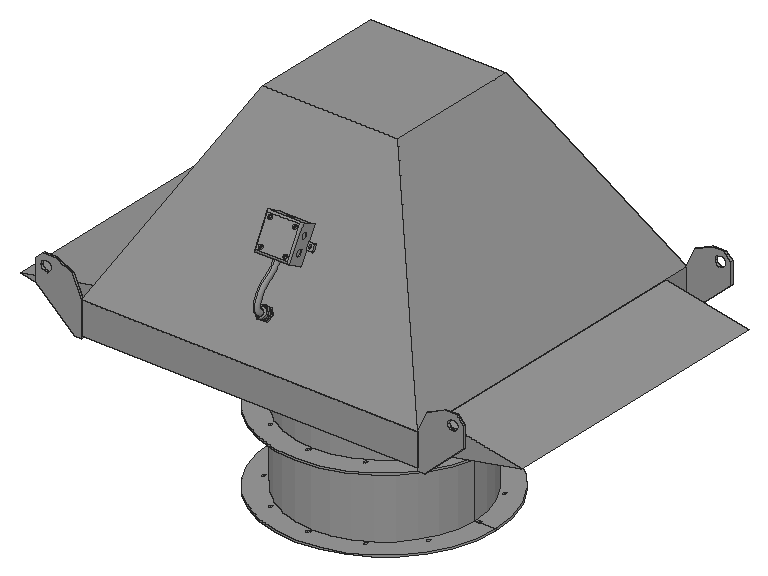
Revit family "ВКДВ", category Оборудование, Revit 2021
Family settings
  Размер круглого соединителя = Использовать диаметр
  Классификация = Нет
  Тип детали = Нормальный
  На основе рабочей плоскости = Нет
  Всегда вертикально = Да
  При загрузке вырезать с полостями = Нет
  Общий = Нет
  Точка принадлежности помещению = Нет
Parameters (values of type "ВКДВ 630-600-2,2/940")
  Отметка по умолчанию = 0 mm
  Вес = "210 кг"
  n = 12
  l4 = 310 mm
  l333 = L3 / 2  # 477.5 mm
  l33 = L3 - 150 mm  # 805 mm
  l3 = L3 / 2 - 0.1 * L3  # 382 mm
  h4 = H - (H - H3) / 2  # 778.5 mm
  h2 = 248.333 mm
  h1 = H1 / 2  # 213 mm
  d1 = 10 mm
  Voltage = 400 V
  Ry = Dy / 2  # 251.5 mm
  Rn = Dn / 2  # 256.5 mm
  R2 = D2 / 2  # 317 mm
  R1 = D1 / 2  # 270.5 mm
  Power = 2200 VA
  Number of Fase = 3
  Maximum Air Flow = 0.0 L/s
  Maintenance zone material = none
  Load Classification = "HVAC"
  L3 = 955 mm
  L1 = 1424 mm
  H4 = H1 + (H3 - H1) / 2  # 472.5 mm
  H3 = H / 2  # 519 mm
  H1 = 426 mm
  H = 1038 mm
  Grid Material = Cover Grid Cross
  Dy = 503 mm
  Dn = Dy + 10 mm  # 513 mm
  D2 = 634 mm
  D1 = 541 mm
  Casing Material = Металл, окрашенный, синий, матовый RAL 5007
  Air Flow [instance] = 0.0 L/s
  09_System_Name [instance] = ""
  09_Pressure_Static_Air [instance] = 0.0 L/s
  00_20_Type = "ВКДВ 630-600-2,2/940"
  00_20_Name = "Вентилятор даховий димовидалення"
  00_20_Manufacturer = "Вентс"  # constant formula
Types (39, lengths in mm): name | Вес | n | l4 | l333 | l33 | l3 | h4 | h1 | d1 | Ry | Rn | R2 | R1 | Power | L3 | L1 | H4 | H3 | H1 | H | Dy | Dn | D2 | D1 | Casing Material | 00_20_Type
  (no name) | "210 кг" | 12 | 310 | 477.5 | 805 | 382 | 778.5 | 213 | 10 | 251.5 | 256.5 | 317 | 270.5 | 2200 VA | 955 | 1424 | 472.5 | 519 | 426 | 1038 | 503 | 513 | 634 | 541 | Металл, окрашенный, синий, матовый RAL 5007 | "ВКДВ 630-600-2,2/940"
  ВКДВ 630-600-1,5/930 | "200 кг" | 12 | 310 | 477.5 | 805 | 382 | 778.5 | 151 | 10 | 251.5 | 256.5 | 317 | 270.5 | 1500 VA | 955 | 1424 | 410.5 | 519 | 302 | 1038 | 503 | 513 | 634 | 541 | none | "ВКДВ 630-600-1,5/930"
  ВКДВ 1100-600-37/980 | "930 кг" | 24 | 474 | 715 | 1280 | 572 | 1329.75 | 220.5 | 12 | 451.5 | 456.5 | 537.5 | 467 | 37000 VA | 1430 | 2236 | 663.75 | 886.5 | 441 | 1773 | 903 | 913 | 1075 | 934 | none | "ВКДВ 1100-600-37/980"
  ВКДВ 630-600-2,2/940 | "210 кг" | 12 | 310 | 477.5 | 805 | 382 | 778.5 | 213 | 10 | 251.5 | 256.5 | 317 | 270.5 | 2200 VA | 955 | 1424 | 472.5 | 519 | 426 | 1038 | 503 | 513 | 634 | 541 | Металл, окрашенный, синий, матовый RAL 5007 | "ВКДВ 630-600-2,2/940"
  ВКДВ 630-600-3/960 | "225 кг" | 12 | 310 | 477.5 | 805 | 382 | 782.25 | 153.5 | 10 | 251.5 | 256.5 | 317 | 270.5 | 3000 VA | 955 | 1424 | 414.25 | 521.5 | 307 | 1043 | 503 | 513 | 634 | 541 | none | "ВКДВ 630-600-3/960"
  ВКДВ 630-600-4/1440 | "216 кг" | 12 | 310 | 477.5 | 805 | 382 | 778.5 | 151 | 10 | 251.5 | 256.5 | 317 | 270.5 | 4000 VA | 955 | 1424 | 410.5 | 519 | 302 | 1038 | 503 | 513 | 634 | 541 | none | "ВКДВ 630-600-4/1440"
  ВКДВ 630-600-5,5/1450 | "230 кг" | 12 | 310 | 477.5 | 805 | 382 | 782.25 | 153.5 | 10 | 251.5 | 256.5 | 317 | 270.5 | 5500 VA | 955 | 1424 | 414.25 | 521.5 | 307 | 1043 | 503 | 513 | 634 | 541 | none | "ВКДВ 630-600-5,5/1450"
  ВКДВ 630-600-7,5/1440 | "255 кг" | 12 | 310 | 477.5 | 805 | 382 | 850.5 | 153.5 | 10 | 251.5 | 256.5 | 317 | 270.5 | 7500 VA | 955 | 1424 | 437 | 567 | 307 | 1134 | 503 | 513 | 634 | 541 | none | "ВКДВ 630-600-7,5/1440"
  ВКДВ 710-600-2,2/940 | "242 кг" | 16 | 339 | 520 | 890 | 416 | 885.75 | 158.5 | 12 | 316.5 | 321.5 | 365 | 337 | 2200 VA | 1040 | 1508 | 453.75 | 590.5 | 317 | 1181 | 633 | 643 | 730 | 674 | none | "ВКДВ 710-600-2,2/940"
  ВКДВ 710-600-3/960 | "252 кг" | 16 | 339 | 520 | 890 | 416 | 889.5 | 161 | 12 | 316.5 | 321.5 | 365 | 337 | 3000 VA | 1040 | 1508 | 457.5 | 593 | 322 | 1186 | 633 | 643 | 730 | 674 | none | "ВКДВ 710-600-3/960"
  ВКДВ 710-600-4/950 | "253 кг" | 16 | 339 | 520 | 890 | 416 | 889.5 | 161 | 12 | 316.5 | 321.5 | 365 | 337 | 4000 VA | 1040 | 1508 | 457.5 | 593 | 322 | 1186 | 633 | 643 | 730 | 674 | none | "ВКДВ 710-600-4/950"
  ВКДВ 710-600-5,5/960 | "280 кг" | 16 | 339 | 520 | 890 | 416 | 889.5 | 161 | 12 | 316.5 | 321.5 | 365 | 337 | 5500 VA | 1040 | 1508 | 457.5 | 593 | 322 | 1186 | 633 | 643 | 730 | 674 | none | "ВКДВ 710-600-5,5/960"
  ВКДВ 710-600-7,5/1455 | "281 кг" | 16 | 339 | 520 | 890 | 416 | 889.5 | 161 | 12 | 316.5 | 321.5 | 365 | 337 | 7500 VA | 1040 | 1508 | 457.5 | 593 | 322 | 1186 | 633 | 643 | 730 | 674 | none | "ВКДВ 710-600-7,5/1455"
  ВКДВ 710-600-11/1460 | "292 кг" | 16 | 339 | 520 | 890 | 416 | 889.5 | 161 | 12 | 316.5 | 321.5 | 365 | 337 | 11000 VA | 1040 | 1508 | 457.5 | 593 | 322 | 1186 | 633 | 643 | 730 | 674 | none | "ВКДВ 710-600-11/1460"
  ВКДВ 800-600-4/960 | "286 кг" | 16 | 339 | 520 | 890 | 416 | 929.25 | 172.5 | 12 | 316.5 | 321.5 | 392 | 337 | 4000 VA | 1040 | 1543 | 482.25 | 619.5 | 345 | 1239 | 633 | 643 | 784 | 674 | none | "ВКДВ 800-600-4/960"
  ВКДВ 800-600-5,5/950 | "305 кг" | 16 | 339 | 520 | 890 | 416 | 929.25 | 172.5 | 12 | 316.5 | 321.5 | 392 | 337 | 5500 VA | 1040 | 1543 | 482.25 | 619.5 | 345 | 1239 | 633 | 643 | 784 | 674 | none | "ВКДВ 800-600-5,5/950"
  ВКДВ 800-600-7,5/970 | "312 кг" | 16 | 339 | 520 | 890 | 416 | 929.25 | 172.5 | 12 | 316.5 | 321.5 | 392 | 337 | 7500 VA | 1040 | 1543 | 482.25 | 619.5 | 345 | 1239 | 633 | 643 | 784 | 674 | none | "ВКДВ 800-600-7,5/970"
  ВКДВ 800-600-11/960 | "390 кг" | 16 | 338 | 520 | 890 | 416 | 1001.25 | 177.5 | 12 | 316.5 | 321.5 | 392 | 337 | 11000 VA | 1040 | 1543 | 511.25 | 667.5 | 355 | 1335 | 633 | 643 | 784 | 674 | none | "ВКДВ 800-600-11/960"
  ВКДВ 800-600-15/1460 | "390 кг" | 16 | 338 | 520 | 890 | 416 | 1001.25 | 177.5 | 12 | 316.5 | 321.5 | 392 | 337 | 15000 VA | 1040 | 1543 | 511.25 | 667.5 | 355 | 1335 | 633 | 643 | 784 | 674 | none | "ВКДВ 800-600-15/1460"
  ВКДВ 800-600-18,5/1470 | "395 кг" | 16 | 338 | 520 | 890 | 416 | 1001.25 | 177.5 | 12 | 316.5 | 321.5 | 392 | 337 | 18500 VA | 1040 | 1543 | 511.25 | 667.5 | 355 | 1335 | 633 | 643 | 784 | 674 | none | "ВКДВ 800-600-18,5/1470"
  ВКДВ 900-600-4/720 | "376 кг" | 16 | 394 | 600 | 1050 | 480 | 1034.25 | 181.5 | 12 | 356.5 | 361.5 | 437 | 375.5 | 4000 VA | 1200 | 1871 | 526.25 | 689.5 | 363 | 1379 | 713 | 723 | 874 | 751 | none | "ВКДВ 900-600-4/720"
  ВКДВ 900-600-5,5/960 | "376 кг" | 16 | 394 | 600 | 1050 | 480 | 1048.5 | 181.5 | 12 | 356.5 | 361.5 | 437 | 375.5 | 5500 VA | 1200 | 1871 | 531 | 699 | 363 | 1398 | 713 | 723 | 874 | 751 | none | "ВКДВ 900-600-5,5/960"
  ВКДВ 900-600-7,5/970 | "380 кг" | 16 | 394 | 600 | 1050 | 480 | 1048.5 | 181.5 | 12 | 356.5 | 361.5 | 437 | 375.5 | 7500 VA | 1200 | 1871 | 531 | 699 | 363 | 1398 | 713 | 723 | 874 | 751 | none | "ВКДВ 900-600-7,5/970"
  ВКДВ 900-600-11/970 | "418 кг" | 16 | 394 | 600 | 1050 | 480 | 1048.5 | 186 | 12 | 356.5 | 361.5 | 437 | 375.5 | 11000 VA | 1200 | 1871 | 535.5 | 699 | 372 | 1398 | 713 | 723 | 874 | 751 | none | "ВКДВ 900-600-11/970"
  ВКДВ 900-600-15/960 | "433 кг" | 16 | 394 | 600 | 1050 | 480 | 1048.5 | 186 | 12 | 356.5 | 361.5 | 437 | 375.5 | 15000 VA | 1200 | 1871 | 535.5 | 699 | 372 | 1398 | 713 | 723 | 874 | 751 | none | "ВКДВ 900-600-15/960"
  ВКДВ 900-600-18,5/960 | "482 кг" | 16 | 394 | 600 | 1050 | 480 | 1118.25 | 186 | 12 | 356.5 | 361.5 | 437 | 375.5 | 18500 VA | 1200 | 1871 | 558.75 | 745.5 | 372 | 1491 | 713 | 723 | 874 | 751 | none | "ВКДВ 900-600-18,5/960"
  ВКДВ 900-600-22/960 | "566 кг" | 16 | 394 | 600 | 1050 | 480 | 1173.75 | 186 | 12 | 356.5 | 361.5 | 437 | 375.5 | 22000 VA | 1200 | 1871 | 577.25 | 782.5 | 372 | 1565 | 713 | 723 | 874 | 751 | none | "ВКДВ 900-600-22/960"
  ВКДВ 1000-600-5,5/720 | "467 кг" | 24 | 473 | 715 | 1280 | 572 | 1023.75 | 199 | 12 | 401.5 | 406.5 | 487 | 418.5 | 5500 VA | 1430 | 2111 | 540.25 | 682.5 | 398 | 1365 | 803 | 813 | 974 | 837 | none | "ВКДВ 1000-600-5,5/720"
  ВКДВ 1000-600-7,5/730 | "588 кг" | 24 | 476 | 715 | 1280 | 572 | 1179.75 | 201.5 | 12 | 401.5 | 406.5 | 487 | 418.5 | 7500 VA | 1430 | 2111 | 594.75 | 786.5 | 403 | 1573 | 803 | 813 | 974 | 837 | none | "ВКДВ 1000-600-7,5/730"
  ВКДВ 1000-600-11/970 | "590 кг" | 24 | 476 | 715 | 1280 | 572 | 1179.75 | 201.5 | 12 | 401.5 | 406.5 | 487 | 418.5 | 11000 VA | 1430 | 2111 | 594.75 | 786.5 | 403 | 1573 | 803 | 813 | 974 | 837 | none | "ВКДВ 1000-600-11/970"
  ВКДВ 1000-600-15/970 | "595 кг" | 24 | 476 | 715 | 1280 | 572 | 1179.75 | 201.5 | 12 | 401.5 | 406.5 | 487 | 418.5 | 15000 VA | 1430 | 2111 | 594.75 | 786.5 | 403 | 1573 | 803 | 813 | 974 | 837 | none | "ВКДВ 1000-600-15/970"
  ВКДВ 1000-600-18,5/970 | "639 кг" | 24 | 476 | 715 | 1280 | 572 | 1179.75 | 201.5 | 12 | 401.5 | 406.5 | 487 | 418.5 | 18500 VA | 1430 | 2111 | 594.75 | 786.5 | 403 | 1573 | 803 | 813 | 974 | 837 | none | "ВКДВ 1000-600-18,5/970"
  ВКДВ 1000-600-22/970 | "670 кг" | 24 | 476 | 715 | 1280 | 572 | 1179.75 | 201.5 | 12 | 401.5 | 406.5 | 487 | 418.5 | 22000 VA | 1430 | 2111 | 594.75 | 786.5 | 403 | 1573 | 803 | 813 | 974 | 837 | none | "ВКДВ 1000-600-22/970"
  ВКДВ 1000-600-30/970 | "690 кг" | 24 | 476 | 715 | 1280 | 572 | 1179.75 | 201.5 | 12 | 401.5 | 406.5 | 487 | 418.5 | 30000 VA | 1430 | 2111 | 594.75 | 786.5 | 403 | 1573 | 803 | 813 | 974 | 837 | none | "ВКДВ 1000-600-30/970"
  ВКДВ 1100-600-11/730 | "720 кг" | 24 | 474 | 715 | 1280 | 572 | 1290.75 | 220.5 | 12 | 451.5 | 456.5 | 537.5 | 467 | 11000 VA | 1430 | 2236 | 650.75 | 860.5 | 441 | 1721 | 903 | 913 | 1075 | 934 | none | "ВКДВ 1100-600-11/730"
  ВКДВ 1100-600-15/730 | "775 кг" | 24 | 474 | 715 | 1280 | 572 | 1290.75 | 220.5 | 12 | 451.5 | 456.5 | 537.5 | 467 | 15000 VA | 1430 | 2236 | 650.75 | 860.5 | 441 | 1721 | 903 | 913 | 1075 | 934 | none | "ВКДВ 1100-600-15/730"
  ВКДВ 1100-600-18,5/970 | "763 кг" | 24 | 474 | 715 | 1280 | 572 | 1290.75 | 220.5 | 12 | 451.5 | 456.5 | 537.5 | 467 | 18500 VA | 1430 | 2236 | 650.75 | 860.5 | 441 | 1721 | 903 | 913 | 1075 | 934 | none | "ВКДВ 1100-600-18,5/970"
  ВКДВ 1100-600-22/970 | "794 кг" | 24 | 474 | 715 | 1280 | 572 | 1290.75 | 220.5 | 12 | 451.5 | 456.5 | 537.5 | 467 | 22000 VA | 1430 | 2236 | 650.75 | 860.5 | 441 | 1721 | 903 | 913 | 1075 | 934 | none | "ВКДВ 1100-600-22/970"
  ВКДВ 1100-600-30/970 | "812 кг" | 24 | 474 | 715 | 1280 | 572 | 1290.75 | 220.5 | 12 | 451.5 | 456.5 | 537.5 | 467 | 30000 VA | 1430 | 2236 | 650.75 | 860.5 | 441 | 1721 | 903 | 913 | 1075 | 934 | none | "ВКДВ 1100-600-30/970"
Reference planes
  plane 1 "По центру (Вперед/Назад)": y = 0
  plane 2: z = 0
  plane 3 "По центру (Влево/Вправо)": x = 0
Forms (mm)
  Revolve 1, solid, material "Металл, окрашенный, синий, матовый RAL 5007"
    sketch origin (0, 0, 0) x (1, 0, 0) y (0, 0, 1)
      loop
        line (251.5, 0) -> (317, 0) -> (317, 5) -> (256.5, 5) -> (256.5, 208) -> (317, 208) -> (317, 213) -> (256.5, 213) -> (256.5, 421) -> (317, 421) -> (317, 426) -> (251.5, 426) -> (251.5, 0)
      axis (0, 426) -> (0, 0)
    angle from 0 to 360
  Extrusion 2, void
    sketch origin (0, -232.601, 0) x (1, 0, 0) y (0, 1, 0)
      loop
        circle (0, 503.101) r 5
    from 0 to 426 <- "H1"
  Extrusion 3, void
    sketch origin (-116.301, -201.439, 0) x (0.866025, -0.5, 0) y (0.5, 0.866025, 0)
      loop
        circle (0, 503.101) r 5
    from 0 to 426 <- "H1"
  Extrusion 4, void
    sketch origin (116.301, -201.439, 0) x (0.866025, 0.5, 0) y (-0.5, 0.866025, 0)
      loop
        circle (0, 503.101) r 5
    from 0 to 426 <- "H1"
  Extrusion 5, void
    sketch origin (201.439, -116.301, 0) x (0.5, 0.866025, 0) y (-0.866025, 0.5, 0)
      loop
        circle (0, 503.101) r 5
    from 0 to 426 <- "H1"
  Extrusion 6, void
    sketch origin (232.601, 0, 0) x (0, 1, 0) y (-1, 0, 0)
      loop
        circle (0, 503.101) r 5
    from 0 to 426 <- "H1"
  Extrusion 7, void
    sketch origin (201.439, 116.301, 0) x (-0.5, 0.866025, 0) y (-0.866025, -0.5, 0)
      loop
        circle (0, 503.101) r 5
    from 0 to 426 <- "H1"
  Extrusion 8, void
    sketch origin (116.301, 201.439, 0) x (-0.866025, 0.5, 0) y (-0.5, -0.866025, 0)
      loop
        circle (0, 503.101) r 5
    from 0 to 426 <- "H1"
  Extrusion 9, void
    sketch origin (0, 232.601, 0) x (-1, 0, 0) y (0, -1, 0)
      loop
        circle (0, 503.101) r 5
    from 0 to 426 <- "H1"
  Extrusion 10, void
    sketch origin (-116.301, 201.439, 0) x (-0.866025, -0.5, 0) y (0.5, -0.866025, 0)
      loop
        circle (0, 503.101) r 5
    from 0 to 426 <- "H1"
  Extrusion 11, void
    sketch origin (-201.439, 116.301, 0) x (-0.5, -0.866025, 0) y (0.866025, -0.5, 0)
      loop
        circle (0, 503.101) r 5
    from 0 to 426 <- "H1"
  Extrusion 12, void
    sketch origin (-232.601, 0, 0) x (0, -1, 0) y (1, 0, 0)
      loop
        circle (0, 503.101) r 5
    from 0 to 426 <- "H1"
  Extrusion 13, void
    sketch origin (-201.439, -116.301, 0) x (0.5, -0.866025, 0) y (0.866025, 0.5, 0)
      loop
        circle (0, 503.101) r 5
    from 0 to 426 <- "H1"
  Extrusion 14, solid, material "Металл, окрашенный, синий, матовый RAL 5007"
    sketch origin (0, 0, 0) x (1, 0, 0) y (0, 1, 0)
      loop
        line (-477.5, 477.5) -> (-477.5, -477.5) -> (477.5, -477.5) -> (477.5, 477.5) -> (-477.5, 477.5)
    from 426 <- "H1" to 519 <- "H3"
  Blend 15, solid, material "Металл, окрашенный, синий, матовый RAL 5007"
    base sketch origin (0, 0, 0) x (1, 0, 0) y (0, 1, 0)
      loop
        line (-477.5, 477.5) -> (-477.5, -477.5) -> (477.5, -477.5) -> (477.5, 477.5) -> (-477.5, 477.5)
    top sketch origin (0, 0, 0) x (1, 0, 0) y (0, 1, 0)
      loop
        line (-191, 191) -> (-191, -191) -> (191, -191) -> (191, 191) -> (-191, 191)
    from 519 <- "H3" to 1038 <- "H"
  Extrusion 16, solid, material "Металл, окрашенный, синий, матовый RAL 5007"
    sketch origin (0, 0, 0) x (1, 0, 0) y (0, 0, 1)
      loop
        line (477.5, 426) -> (712, 472.5) -> (477.5, 519) -> (477.5, 426)
      loop
        line (-477.5, 426) -> (-477.5, 519) -> (-712, 472.5) -> (-477.5, 426)
    from -402.5 to 402.5
Cuts and joins
  Extrusion 2, Extrusion 3, Extrusion 4, Extrusion 5, Extrusion 6, Extrusion 7, Extrusion 8, Extrusion 9, Extrusion 10, Extrusion 11, Extrusion 12, Extrusion 13 cuts Revolve 1
Dimensions and locks
  Revolve 1 sketch curve to Revolve 1 sketch curve = 5 mm  (x3)
  "R2": Revolve 1 sketch curve to plane 3 "По центру (Влево/Вправо)"  (x3)
  "H1": level to Revolve 1 sketch curve
  "Ry": Revolve 1 sketch curve to plane 3 "По центру (Влево/Вправо)"
  "Rn": plane 3 "По центру (Влево/Вправо)" to Revolve 1 sketch curve  (x2)
  "h1": Revolve 1 sketch curve to Revolve 1 sketch curve
  equal spacing: Extrusion 14 sketch curve, plane 1 "По центру (Вперед/Назад)", Extrusion 14 sketch curve
  "L3": Extrusion 14 sketch curve to Extrusion 14 sketch curve  (x2)
  equal spacing: Extrusion 14 sketch curve, plane 3 "По центру (Влево/Вправо)", Extrusion 14 sketch curve
  equal spacing: Blend 15 sketch curve, plane 3 "По центру (Влево/Вправо)", Blend 15 sketch curve  (x2)
  "L3": Blend 15 sketch curve to Blend 15 sketch curve  (x2)
  equal spacing: Blend 15 sketch curve, plane 1 "По центру (Вперед/Назад)", Blend 15 sketch curve  (x2)
  "l3": Blend 15 sketch curve to Blend 15 sketch curve  (x2)
  equal spacing: Extrusion 16 sketch curve, plane 3 "По центру (Влево/Вправо)", Extrusion 16 sketch curve  (x2)
  "H3": Extrusion 16 sketch curve to level  (x2)
  "H1": Extrusion 16 sketch curve to level  (x2)
  "L3": Extrusion 16 sketch curve to Extrusion 16 sketch curve
  "H4": Extrusion 16 sketch curve to level  (x2)
  "L1": Extrusion 16 sketch curve to Extrusion 16 sketch curve
  equal spacing: Extrusion 16, plane 1 "По центру (Вперед/Назад)", Extrusion 16
  "l33": Extrusion 16 to Extrusion 16
  "l4": plane 1 "По центру (Вперед/Назад)" to nested 1
  "l333": plane 1 "По центру (Вперед/Назад)" to nested 2
  "l333": nested 3 to plane 1 "По центру (Вперед/Назад)"
  "l333": nested 4 to plane 1 "По центру (Вперед/Назад)"
  "l333": nested 5 to plane 1 "По центру (Вперед/Назад)"
  "l333": plane 3 "По центру (Влево/Вправо)" to nested 2
  "l333": nested 4 to plane 3 "По центру (Влево/Вправо)"
  "l333": plane 3 "По центру (Влево/Вправо)" to nested 3
  "l333": nested 5 to plane 3 "По центру (Влево/Вправо)"
  "d1": diameter of Extrusion 2 sketch curve
  "d1": diameter of Extrusion 3 sketch curve
  "d1": diameter of Extrusion 4 sketch curve
  "d1": diameter of Extrusion 5 sketch curve
  "d1": diameter of Extrusion 6 sketch curve
  "d1": diameter of Extrusion 7 sketch curve
  "d1": diameter of Extrusion 8 sketch curve
  "d1": diameter of Extrusion 9 sketch curve
  "d1": diameter of Extrusion 10 sketch curve
  "d1": diameter of Extrusion 11 sketch curve
  "d1": diameter of Extrusion 12 sketch curve
  "d1": diameter of Extrusion 13 sketch curve
  "R1": radius of radial array
  aligned and locked: level to plane 2
Automatic sketch dimensions
  Revolve 1 sketch curve to plane 3 "По центру (Влево/Вправо)" = 0 mm
  Revolve 1 sketch curve to level = 0 mm
  level to Revolve 1 sketch curve = 241 mm
  Revolve 1 sketch curve to Revolve 1 sketch curve = 260 mm
Nested families
  nested 1: "Клемная коробка" at (0, -334.164, 778.5) x (0, -0.4833, -0.8755) z (0, -0.8755, 0.4833), built-in parameter 1001360 <- "h4", type "100х100"
  nested 2: "Монтажное ухо" at (477.5, 477.5, 519), built-in parameter 1001360 <- "H3", type "Монтажное ухо"
  nested 3: "Монтажное ухо" at (477.5, -477.5, 519), built-in parameter 1001360 <- "H3", type "Монтажное ухо"
  nested 4: "Монтажное ухо" at (-477.5, 477.5, 519) x (-1, 0, 0) z (0, 0, 1), built-in parameter 1001360 <- "H3", type "Монтажное ухо"
  nested 5: "Монтажное ухо" at (-477.5, -477.5, 519) x (-1, 0, 0) z (0, 0, 1), built-in parameter 1001360 <- "H3", type "Монтажное ухо"
Definition of nested family "Клемная коробка"
  Parameters (values of type "100х100")
    Ш1 = Ш / 2 - 15 mm  # 35 mm
    Ш = 100 mm
    Default Elevation = 0 mm
    Д1 = Д / 2 - 15 mm  # 35 mm
    Д = 100 mm
    h = H / 2  # 25 mm
    H = 50 mm
  Types (3, lengths in mm): name | Ш1 | Ш | Д1 | Д
    100х100 | 35 | 100 | 35 | 100
    200Х200 | 85 | 200 | 85 | 200
    Клемная коробка | 35 | 100 | 35 | 100
  Reference planes
    plane 1 "По центру (Вперед/Назад)": y = 0
    plane 2: z = 0
    plane 3 "По центру (Влево/Вправо)": x = 0
  Forms (mm)
    Extrusion 1, solid
      sketch origin (0, 0, 0) x (1, 0, 0) y (0, 1, 0)
        loop
          line (-50, 50) -> (-50, -50) -> (50, -50) -> (50, 50) -> (-50, 50)
      from 0 to 50 <- "H"
    Sweep 2, void
      path in 3D
        loop
          line (-50, 50, 50) -> (-50, -50, 50) -> (50, -50, 50) -> (50, 50, 50) -> (-50, 50, 50)
      profile origin (0, 50, 50) x (0, -1, 0) y (0, 0, 1)
        loop
          line (5, 0) -> (0, 0) -> (0, -5)
          arc (0, -5) -> (1.464, -1.464) -> (5, 0) r 5
    Extrusion 3, solid
      sketch origin (0, 0, 0) x (1, 0, 0) y (0, 1, 0)
        loop
          line (10, 50) -> (10, 67.359)
          arc (10, 67.359) -> (9.227, 69.227) -> (7.359, 70) r 2.641
          line (7.359, 70) -> (-7.359, 70)
          arc (-7.359, 70) -> (-9.227, 69.227) -> (-10, 67.359) r 2.641
          line (-10, 67.359) -> (-10, 50) -> (10, 50)
        loop
          circle (0, 60.711) r 4
        loop
          line (10, -50) -> (-10, -50) -> (-10, -67.359)
          arc (-10, -67.359) -> (-9.227, -69.227) -> (-7.359, -70) r 2.641
          line (-7.359, -70) -> (7.359, -70)
          arc (7.359, -70) -> (9.227, -69.227) -> (10, -67.359) r 2.641
          line (10, -67.359) -> (10, -50)
        loop
          circle (0, -60.711) r 4
      from 0 to 4
    Extrusion 4, void
      sketch origin (0, 0, 0) x (0, 1, 0) y (0, 0, 1)
        loop
          circle (0, 25) r 10
      from -50 to -45
    Extrusion 5, void
      sketch origin (0, 0, 0) x (0, 1, 0) y (0, 0, 1)
        loop
          circle (0, 25) r 10
      from 45 to 50
    Extrusion 6, void
      sketch origin (0, 0, 0) x (1, 0, 0) y (0, 0, 1)
        loop
          circle (20, 25) r 10
        loop
          circle (-20, 25) r 10
      from 45 to 50
    Extrusion 7, void
      sketch origin (0, 0, 0) x (1, 0, 0) y (0, 0, 1)
        loop
          circle (20, 25) r 10
        loop
          circle (-20, 25) r 10
      from -50 to -45
    Extrusion 8, solid
      sketch origin (45, 0, 0) x (-1, 0, 0) y (0, -1, 0)
        loop
          line (-129.783, -18.872) -> (-113.44, -9.436) -> (-113.44, 9.436) -> (-129.783, 18.872) -> (-146.127, 9.436) -> (-146.127, -9.436) -> (-129.783, -18.872)
      from 0 to 3
    Extrusion 9, solid
      sketch origin (45, 0, 0) x (-1, 0, 0) y (0, -1, 0)
        loop
          circle (-129.783, 0) r 14
      from 3 to 13
    Extrusion 10, solid
      sketch origin (45, 0, 13) x (-1, 0, 0) y (0, -1, 0)
        loop
          line (-129.783, -18.872) -> (-113.44, -9.436) -> (-113.44, 9.436) -> (-129.783, 18.872) -> (-146.127, 9.436) -> (-146.127, -9.436) -> (-129.783, -18.872)
      from 0 to 3
    Revolve 11, solid
      sketch origin (45, 0, 0) x (-1, 0, 0) y (0, 0, -1)
        loop
          line (-115.783, -16) -> (-129.783, -16) -> (-129.783, -25.366) -> (-118.718, -25.366)
          arc (-118.718, -25.366) -> (-116.643, -24.506) -> (-115.783, -22.431) r 2.935
          line (-115.783, -22.431) -> (-115.783, -16)
        axis (-129.783, -25.366) -> (-129.783, -16)
      angle from 0 to 360
    Sweep 12, solid
      path origin (0, 0, 0) x (-1, 0, 0) y (0, 0, -1)
        loop
          spline (-45, -25) -> (-66.738, -26.283) -> (-76.699, -29.829) -> (-87.953, -34.878) -> (-98.787, -40.179) -> (-108.223, -44.81) -> (-116.904, -48.152) -> (-126.115, -49.899) -> (-137.12, -50.038) -> (-148.312, -49.304) -> (-158.116, -47.658) -> (-168.391, -41.916) -> (-174.75, -25.25)
      profile origin (116.904, 0, 48.152) x (-0.283636, 0, 0.958932) y (0, -1, 0)
        loop
          circle (0, 0) r 7.222
  Cuts and joins
    Sweep 2, Extrusion 4, Extrusion 5, Extrusion 6, Extrusion 7 cuts Extrusion 1
  Lines and regions (mm)
    sketch lines
      curve 1: line (50, 50, 50) -> (-50, 50, 50)
      curve 2: line (50, -50, 50) -> (50, 50, 50)
      curve 3: line (-50, -50, 50) -> (50, -50, 50)
      curve 4: line (-50, 50, 50) -> (-50, -50, 50)
  Dimensions and locks
    "Д": Extrusion 1 sketch curve to Extrusion 1 sketch curve
    "Ш": Extrusion 1 sketch curve to Extrusion 1 sketch curve
    equal spacing: Extrusion 1 sketch curve, plane 3 "По центру (Влево/Вправо)", Extrusion 1 sketch curve
    equal spacing: Extrusion 1 sketch curve, plane 1 "По центру (Вперед/Назад)", Extrusion 1 sketch curve
    "Д1": nested 2 to plane 3 "По центру (Влево/Вправо)"
    "Д1": plane 3 "По центру (Влево/Вправо)" to nested 1
    "Д1": nested 4 to plane 3 "По центру (Влево/Вправо)"
    "Д1": plane 3 "По центру (Влево/Вправо)" to nested 3
    "Ш1": nested 3 to plane 1 "По центру (Вперед/Назад)"
    "Ш1": plane 1 "По центру (Вперед/Назад)" to nested 1
    "Ш1": nested 4 to plane 1 "По центру (Вперед/Назад)"
    "Ш1": plane 1 "По центру (Вперед/Назад)" to nested 2
    Extrusion 3 sketch curve to Extrusion 3 sketch curve = 20 mm  (x3)
    equal spacing: Extrusion 3 sketch curve, plane 1 "По центру (Вперед/Назад)", Extrusion 3 sketch curve
    "Ш": Extrusion 3 sketch curve to Extrusion 3 sketch curve
    "h": Extrusion 4 sketch curve to level
    "h": Extrusion 5 sketch curve to level
    "h": level to Extrusion 6 sketch curve  (x2)
    plane 3 "По центру (Влево/Вправо)" to Extrusion 6 sketch curve = 20 mm
    Extrusion 6 sketch curve to plane 3 "По центру (Влево/Вправо)" = 20 mm
    "h": level to Extrusion 7 sketch curve  (x2)
    Extrusion 7 sketch curve to plane 3 "По центру (Влево/Вправо)" = 20 mm
    plane 3 "По центру (Влево/Вправо)" to Extrusion 7 sketch curve = 20 mm
    radius of Extrusion 7 sketch curve = 10 mm
    aligned and locked: level to plane 2
    aligned and locked: Extrusion 1 to Extrusion 4
    aligned and locked: Sweep 2 to Extrusion 4
    aligned and locked: Extrusion 1 to Extrusion 5
    aligned and locked: Sweep 2 to Extrusion 5
    aligned and locked: Extrusion 1 to Extrusion 6
    aligned and locked: Sweep 2 to Extrusion 6
    aligned and locked: Extrusion 1 to Extrusion 7
    aligned and locked: Extrusion 7 to Sweep 2
  Automatic sketch dimensions
    Sweep 2 sketch curve to profile plane = 0 mm  (x2)
    Sweep 2 sketch curve to profile plane = 5 mm
    Extrusion 8 sketch curve to plane 1 "По центру (Вперед/Назад)" = 9.436 mm  (x2)
    plane 3 "По центру (Влево/Вправо)" to Extrusion 8 sketch curve = 191.127 mm
    Extrusion 8 sketch curve to plane 1 "По центру (Вперед/Назад)" = 18.872 mm
    Extrusion 8 sketch curve to Extrusion 8 sketch curve = 16.344 mm  (x3)
    plane 1 "По центру (Вперед/Назад)" to Extrusion 8 sketch curve = 18.872 mm
    plane 1 "По центру (Вперед/Назад)" to Extrusion 8 sketch curve = 9.436 mm  (x2)
    plane 1 "По центру (Вперед/Назад)" to Extrusion 9 sketch curve = 0 mm
    plane 3 "По центру (Влево/Вправо)" to Extrusion 9 sketch curve = 174.783 mm
    Extrusion 10 sketch curve to plane 1 "По центру (Вперед/Назад)" = 9.436 mm  (x2)
    plane 3 "По центру (Влево/Вправо)" to Extrusion 10 sketch curve = 191.127 mm
    Extrusion 10 sketch curve to plane 1 "По центру (Вперед/Назад)" = 18.872 mm
    Extrusion 10 sketch curve to Extrusion 10 sketch curve = 16.344 mm  (x3)
    plane 1 "По центру (Вперед/Назад)" to Extrusion 10 sketch curve = 18.872 mm
    plane 1 "По центру (Вперед/Назад)" to Extrusion 10 sketch curve = 9.436 mm  (x2)
    level to Revolve 11 sketch curve = 25.366 mm
    plane 3 "По центру (Влево/Вправо)" to Revolve 11 sketch curve = 174.783 mm
    Revolve 11 sketch curve to Revolve 11 sketch curve = 11.065 mm
    Revolve 11 sketch curve to Revolve 11 sketch curve = 2.935 mm
    Revolve 11 sketch curve to Revolve 11 sketch curve = 6.431 mm
    Revolve 11 sketch curve to Revolve 11 sketch curve = 0 mm  (x2)
    Revolve 11 sketch curve to Revolve 11 sketch curve = 1.484 mm
    level to Sweep 12 sketch curve = 25.25 mm
    plane 3 "По центру (Влево/Вправо)" to Sweep 12 sketch curve = 174.75 mm
    plane 3 "По центру (Влево/Вправо)" to Sweep 12 sketch curve = 45 mm
    level to Sweep 12 sketch curve = 25 mm
    plane 1 "По центру (Вперед/Назад)" to Sweep 12 sketch curve = 0 mm
    Sweep 12 sketch curve to profile plane = 0 mm
    Extrusion 3 sketch curve to plane 3 "По центру (Влево/Вправо)" = 0 mm  (x2)
    Extrusion 3 sketch curve to plane 3 "По центру (Влево/Вправо)" = 7.359 mm  (x2)
    Extrusion 3 sketch curve to plane 3 "По центру (Влево/Вправо)" = 10 mm  (x2)
    plane 3 "По центру (Влево/Вправо)" to Extrusion 3 sketch curve = 7.359 mm
    Extrusion 3 sketch curve to Extrusion 3 sketch curve = 2.641 mm  (x2)
    Extrusion 3 sketch curve to Extrusion 3 sketch curve = 6.648 mm  (x2)
    Extrusion 4 sketch curve to plane 1 "По центру (Вперед/Назад)" = 0 mm
    Extrusion 5 sketch curve to plane 1 "По центру (Вперед/Назад)" = 0 mm
    radius of Extrusion 9 sketch curve = 14 mm
    radius of Sweep 12 sketch curve = 7.222 mm
    radius of Extrusion 3 sketch curve = 4 mm  (x2)
    radius of Extrusion 4 sketch curve = 10 mm
    radius of Extrusion 5 sketch curve = 10 mm
    radius of Extrusion 6 sketch curve = 10 mm  (x2)
    radius of Extrusion 7 sketch curve = 10 mm
  Nested families
    nested 1: "Винт" at (35, 35, 50), built-in parameter 1001364 <- "H", type "Винт"
    nested 2: "Винт" at (-35, 35, 50), built-in parameter 1001364 <- "H", type "Винт"
    nested 3: "Винт" at (35, -35, 50), built-in parameter 1001364 <- "H", type "Винт"
    nested 4: "Винт" at (-35, -35, 50), built-in parameter 1001364 <- "H", type "Винт"
  Definition of nested family "Винт"
    Parameters (values of type "Винт")
      Default Elevation = 0 mm
    Reference planes
      plane 1 "По центру (Вперед/Назад)": y = 0
      plane 2: z = 0
      plane 3 "По центру (Влево/Вправо)": x = 0
    Forms (mm)
      Revolve 1, solid
        sketch origin (0, 0, 0) x (1, 0, 0) y (0, 0, 1)
          loop
            line (0, -20) -> (2.5, -20) -> (2.5, 0) -> (5, 0) -> (5, 0.988)
            arc (5, 0.988) -> (2.589, 1.966) -> (0, 2.235) r 9.254
            line (0, 2.235) -> (0, -20)
          axis (0, 2.235) -> (0, -20)
        angle from 0 to 360
      Extrusion 2, void
        sketch origin (0, -0.137, 0) x (1, 0, 0) y (0, 1, 0)
          loop
            line (-0.439, -5.142) -> (0.455, -5.142) -> (0.455, -0.343) -> (5.265, -0.343) -> (5.265, 0.594) -> (0.455, 0.594) -> (0.455, 5.38) -> (-0.439, 5.38) -> (-0.439, 0.594) -> (-5.291, 0.594) -> (-5.291, -0.343) -> (-0.439, -0.343) -> (-0.439, -5.142)
        from 0.988 to 3.071
    Cuts and joins
      Extrusion 2 cuts Revolve 1
    Dimensions and locks
      aligned and locked: level to plane 2
      aligned and locked: Extrusion 2 to Revolve 1
Definition of nested family "Монтажное ухо"
  Parameters (values of type "Монтажное ухо")
    Default Elevation = 0 mm
    h2 = 248.333 mm
    h1 = 213 mm
    Casing Material = none
  Reference planes
    plane 1 "По центру (Вперед/Назад)": y = 0
    plane 2: z = 0
    plane 3 "По центру (Влево/Вправо)": x = 0
  Forms (mm)
    Extrusion 1, solid
      sketch origin (0, 0, 0) x (1, 0, 0) y (0, 0, 1)
        loop
          line (110, 80) -> (75, 80) -> (25.153, 56.756) -> (0, 0) -> (0, -100) -> (20, -100) -> (130, 0) -> (130, 60) -> (110, 80)
        loop
          circle (100, 50) r 15
      from 0 to 5
  Dimensions and locks
    aligned and locked: level to plane 2
